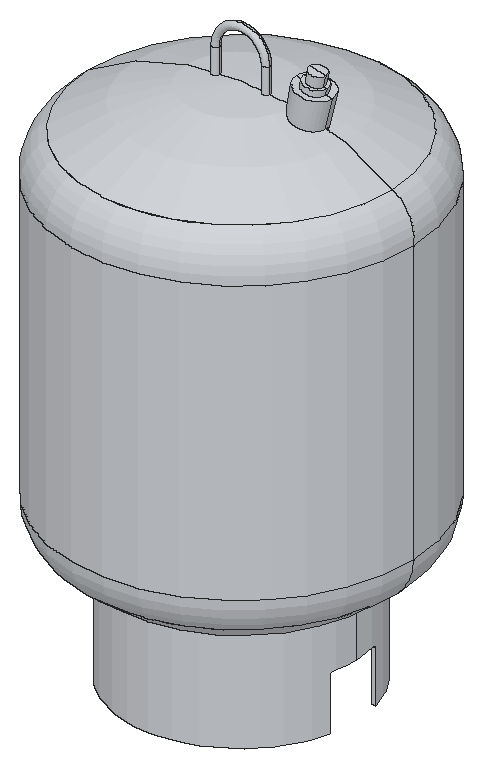
Revit family
Parameters (values of type "ST-200-CL 150# W.P. 10 BAR")
  Weight = "198 lbs"
  Tank Volume = "53 Gal"
  Tank Height/Length = 36.969"
  Tank Diameter = 24.000"
  Side Lifting Ring Location = Shell Length / 2  # 9.2815"
  Shell Length = 18.563"
  Pipe Connector Diameter = Pipe Connection Radius * 2  # 1.000"
  Pipe Connection Radius = 0.500"
  Model = "ST-200-CL"
  Maximum Acceptance Volume = "27 Gal"
  Max Operating Temp = "240 DEG F"
  Max Operating Pressure = "150 PSI"
  Manufacturer = "Amtrol"
  Lifting Ring Location = 3.500" / 2  # 1.750"
  Floor to Elbow Centerline = 2.000"
  Floor to Bottom of Tank = 4.000"
  Bladder/Diaphragm = "Bladder"
  ASME = yes
Types (5): name | Weight | Tank Volume | Tank Height/Length | Side Lifting Ring Location | Shell Length | Model | Maximum Acceptance Volume
  (no name) | "198 lbs" | "53 Gal" | 36.969" | 9.2815" | 18.563" | "ST-200-CL" | "27 Gal"
  ST-200-CL 150# W.P. 10 BAR | "198 lbs" | "53 Gal" | 36.969" | 9.2815" | 18.563" | "ST-200-CL" | "27 Gal"
  ST-300-CL 150# W.P. 10 BAR | "236 lbs" | "80 Gal" | 52.500" | 16.250" | 32.500" | "ST-300-CL" | "27 Gal"
  ST-400-CL 150# W.P. 10 BAR | "282 lbs" | "106 Gal" | 65.125" | 23.219" | 46.438" | "ST-400-CL" | "53 Gal"
  ST-500-CL 150# W.P. 10 BAR | "282 lbs" | "132 Gal" | 78.938" | 30.000" | 60.000" | "ST-500-CL" | "53 Gal"
Reference planes (in)
  plane 1 "Center (Front/Back)": y = 0
  plane 2: z = 0
  plane 3 "Center (Left/Right)": x = 0
Forms (in)
  Revolve 1, solid
    sketch origin (0, 0, 0) x (1, 0, 0) y (0, 0, 1)
      loop
        line (-8, 0) -> (-7.75, 0) -> (-7.75, 7.44707) -> (-8, 7.44707) -> (-8, 0)
      axis (0, 0) -> (0, 7.44707)
    angle from 0 to 360
  Revolve 2, solid
    sketch origin (0, 0, 0) x (1, 0, 0) y (0, 0, 1)
      loop
        line (0.6492, 3.3675) -> (0.6492, 4.19707) -> (0, 4.19707) -> (0, 3.3675) -> (0.6492, 3.3675)
      axis (0, 3.3675) -> (0, 4.19707)
    angle from 0 to 360
  Extrusion 3, void
    sketch origin (0, 0, 0) x (0, 1, 0) y (0, 0, 1)
      loop
        line (0, 3.82981) -> (-1.75, 3.82981)
        arc (-1.75, 3.82981) -> (-1.92678, 3.75658) -> (-2, 3.57981) r 0.25
        line (-2, 3.57981) -> (-2, -0.1984) -> (2, -0.1984) -> (2, 3.57981)
        arc (2, 3.57981) -> (1.92678, 3.75658) -> (1.75, 3.82981) r 0.25
        line (1.75, 3.82981) -> (0, 3.82981)
    from 3.88729 to 12
  Sweep 4, solid
    path origin (0, 0, 0) x (1, 0, 0) y (0, 0, 1)
      loop
        line (0, 3.5) -> (0, 3.198)
        arc (0, 3.198) -> (0.35089, 2.35089) -> (1.198, 2) r 1.198
        line (1.198, 2) -> (1.5, 2)
    profile origin (0, 0, 3.349) x (0, -1, 0) y (1, 0, 0)
      loop
        circle (0, 0) r 1
  Revolve 5, solid
    sketch origin (0, 0, 0) x (1, 0, 0) y (0, 0, 1)
      loop
        line (0, 2.813) -> (0.65074, 2.813) -> (0.65074, 4.313) -> (0, 4.313) -> (0, 2.813)
      axis (0, 2.813) -> (0, 4.313)
    angle from 0 to 360
  Revolve 6, solid
    sketch origin (0, 0, 0) x (1, 0, 0) y (0, 0, 1)
      loop
        line (5.96437, 38.55276) -> (5.7183, 38.59615) -> (5.89974, 39.32387) -> (5.33906, 39.46367) -> (4.53454, 35.86226) -> (5.73583, 35.65044) -> (6.34064, 38.07618) -> (5.89421, 38.1549) -> (5.96437, 38.55276)
      axis (4.53454, 35.86226) -> (5.33906, 39.46367)
    angle from 0 to 360
  Sweep 7, solid
    path origin (0.0517, 0, 0.58905) x (1, 0, 0) y (0, 0, 1)
      loop
        line (-1.8017, 36.25051) -> (-1.8017, 38.00051)
        arc (-1.8017, 38.00051) -> (-0.0517, 39.75051) -> (1.6983, 38.00051) r 1.75
        line (1.6983, 38.00051) -> (1.6983, 36.25051)
    profile origin (-1.75, 0, 37.71457) x (-1, 0, 0) y (0, -1, 0)
      loop
        circle (0, 0) r 0.25
  Revolve 8, solid
    sketch origin (0, 0, 0) x (1, 0, 0) y (0, 0, 1)
      loop
        arc (12, 30.95366) -> (11.68437, 32.63964) -> (10.55443, 33.93013) r 3.25
        arc (10.55443, 33.93013) -> (5.51015, 36.25858) -> (0, 36.969) r 18.33177
        line (0, 36.969) -> (0, 4) -> (4.98897, 4) -> (4.98897, 4.49999) -> (4.4445, 4.49999) -> (4.4445, 4.6875) -> (4.98897, 4.6875) -> (4.98897, 5.87292)
        arc (4.98897, 5.87292) -> (5.12168, 5.92789) -> (5.17665, 6.06061) r 0.18768
        arc (5.17665, 6.06061) -> (8.25561, 7.15646) -> (10.94007, 9.02046) r 12.36901
        arc (10.94007, 9.02046) -> (11.72323, 10.10933) -> (12, 11.42173) r 3.25
        line (12, 11.42173) -> (12, 30.95366)
      axis (0, 4) -> (0, 36.969)
    angle from 0 to 360
  Sweep 9, solid
    path origin (0, 0, 0) x (1, 0, 0) y (0, 0, 1)
      loop
        line (-11.95837, 23.42216) -> (-12.95837, 23.42216)
        arc (-12.95837, 23.42216) -> (-14.70837, 21.67216) -> (-12.95837, 19.92216) r 1.75
        line (-12.95837, 19.92216) -> (-11.95837, 19.92216)
    profile origin (-12.45837, 0, 23.42216) x (0, 0, -1) y (0, -1, 0)
      loop
        circle (0, 0) r 0.25
Cuts and joins
  Extrusion 3 cuts Revolve 1
  Extrusion 3 cuts Revolve 2
Dimensions and locks (in)
  "Floor to Elbow Centerline": Sweep 4 sketch curve to cut or joined group of Revolve 1, Extrusion 3
  "Floor to Bottom of Tank": Revolve 8 sketch curve to cut or joined group of Revolve 1, Extrusion 3
  "Tank Height/Length": Revolve 8 sketch curve to level
  Revolve 8 sketch curve to Revolve 8 sketch curve = 15.08177"
  Revolve 6 sketch curve to Revolve 8 = 4.69679"
  Revolve 6 sketch curve to Revolve 8 = 4.90861"
  Revolve 6 sketch curve to Revolve 6 sketch curve = 2.49391"
  Revolve 6 sketch curve to Revolve 6 sketch curve = 2.89791"
  Revolve 6 sketch curve to Revolve 6 sketch curve = 3.64608"
  "Lifting Ring Location": plane 3 "Center (Left/Right)" to Sweep 7 sketch curve
  Sweep 7 sketch curve to Revolve 8 = 5.88591"  (x2)
  "Side Lifting Ring Location": Revolve 8 to Sweep 9 sketch curve
  radius of Revolve 8 sketch curve = 18.33177"
  radius of Revolve 8 sketch curve = 3.250"
  aligned and locked: import instance to plane 3 "Center (Left/Right)"
  aligned and locked: plane 1 "Center (Front/Back)" to import instance
Automatic sketch dimensions
  Revolve 2 sketch curve to plane 3 "Center (Left/Right)" = 0.000"  (x2)
  plane 3 "Center (Left/Right)" to Revolve 2 sketch curve = 0.6492"
  level to Revolve 2 sketch curve = 3.3675"
  Revolve 2 sketch curve to Revolve 2 sketch curve = 0.000"
  Revolve 2 sketch curve to Revolve 2 sketch curve = 0.82957"
  Revolve 2 sketch curve to Revolve 2 sketch curve = 1.25068"
  Sweep 4 sketch curve to plane 3 "Center (Left/Right)" = 0.000"
  Sweep 4 sketch curve to Sweep 4 sketch curve = 1.198"
  Sweep 4 sketch curve to Sweep 4 sketch curve = 0.302"  (x2)
  plane 1 "Center (Front/Back)" to Sweep 4 sketch curve = 0.000"
  Sweep 4 sketch curve to profile plane = 0.000"
  Revolve 5 sketch curve to plane 3 "Center (Left/Right)" = 0.000"  (x2)
  plane 3 "Center (Left/Right)" to Revolve 5 sketch curve = 0.65074"
  level to Revolve 5 sketch curve = 2.813"
  Revolve 5 sketch curve to Revolve 5 sketch curve = 0.000"
  Revolve 5 sketch curve to Revolve 5 sketch curve = 1.500"
  Revolve 5 sketch curve to Revolve 5 sketch curve = 0.500"
  plane 3 "Center (Left/Right)" to Sweep 7 sketch curve = 0.000"
  Sweep 7 sketch curve to Sweep 7 sketch curve = 1.750"
  plane 1 "Center (Front/Back)" to Sweep 7 sketch curve = 0.000"
  Sweep 7 sketch curve to profile plane = 0.000"
  Revolve 1 sketch curve to level = 0.000"  (x2)
  Revolve 1 sketch curve to plane 3 "Center (Left/Right)" = 0.000"
  Revolve 1 sketch curve to plane 3 "Center (Left/Right)" = 7.750"
  Revolve 1 sketch curve to Revolve 1 sketch curve = 0.250"
  level to Revolve 1 sketch curve = 7.44707"
  Revolve 1 sketch curve to Revolve 1 sketch curve = 1.05293"
  Revolve 8 sketch curve to plane 3 "Center (Left/Right)" = 0.000"  (x2)
  plane 3 "Center (Left/Right)" to Revolve 8 sketch curve = 0.43805"
  Revolve 8 sketch curve to Revolve 8 sketch curve = 2.16694"
  plane 3 "Center (Left/Right)" to Revolve 8 sketch curve = 4.4445"
  Revolve 8 sketch curve to Revolve 8 sketch curve = 0.54447"
  Revolve 8 sketch curve to Revolve 8 sketch curve = 0.000"  (x3)
  Revolve 8 sketch curve to Revolve 8 sketch curve = 0.18768"
  Revolve 8 sketch curve to Revolve 8 sketch curve = 3.57335"
  plane 3 "Center (Left/Right)" to Revolve 8 sketch curve = 8.76092"
  Revolve 8 sketch curve to Revolve 8 sketch curve = 2.19007"
  Revolve 8 sketch curve to Revolve 8 sketch curve = 1.05993"
  Revolve 8 sketch curve to Revolve 8 sketch curve = 0.49999"
  Revolve 8 sketch curve to Revolve 8 sketch curve = 0.18751"
  Revolve 8 sketch curve to Revolve 8 sketch curve = 1.18542"
  Revolve 8 sketch curve to Revolve 8 sketch curve = 8.031"
  plane 3 "Center (Left/Right)" to Revolve 6 sketch curve = 4.3845"
  Revolve 6 sketch curve to Revolve 6 sketch curve = 0.15003"
  Revolve 6 sketch curve to Revolve 6 sketch curve = 0.80453"
  Revolve 6 sketch curve to Revolve 6 sketch curve = 0.19071"
  Revolve 6 sketch curve to Revolve 6 sketch curve = 0.37924"
  Revolve 6 sketch curve to Revolve 6 sketch curve = 0.17591"
  Revolve 6 sketch curve to Revolve 6 sketch curve = 0.56068"
  Revolve 6 sketch curve to Revolve 6 sketch curve = 0.24607"
  Revolve 6 sketch curve to Revolve 6 sketch curve = 0.44642"
  Revolve 6 sketch curve to Revolve 6 sketch curve = 0.4598"
  Revolve 6 sketch curve to Revolve 6 sketch curve = 0.07872"
  Revolve 6 sketch curve to Revolve 6 sketch curve = 0.85371"
  Extrusion 3 sketch curve to plane 1 "Center (Front/Back)" = 0.000"
  plane 1 "Center (Front/Back)" to Extrusion 3 sketch curve = 1.750"
  Extrusion 3 sketch curve to Extrusion 3 sketch curve = 0.250"
  Extrusion 3 sketch curve to plane 1 "Center (Front/Back)" = 1.750"
  Extrusion 3 sketch curve to level = 0.1984"
  Extrusion 3 sketch curve to plane 1 "Center (Front/Back)" = 2.000"
  level to Extrusion 3 sketch curve = 3.57981"
  Sweep 9 sketch curve to plane 3 "Center (Left/Right)" = 12.95837"
  Sweep 9 sketch curve to Sweep 9 sketch curve = 1.000"  (x2)
  Sweep 9 sketch curve to Sweep 9 sketch curve = 1.750"
  Sweep 9 sketch curve to plane 1 "Center (Front/Back)" = 0.000"
  Sweep 9 sketch curve to profile plane = 0.000"
  radius of Sweep 4 sketch curve = 1.000"
  radius of Sweep 7 sketch curve = 0.250"
  radius of Sweep 9 sketch curve = 0.250"
Connectors (in)
  piping at (1.5, 0, 2), driven by "Pipe Connection Radius"
    settings: on Sweep 4, index 1
